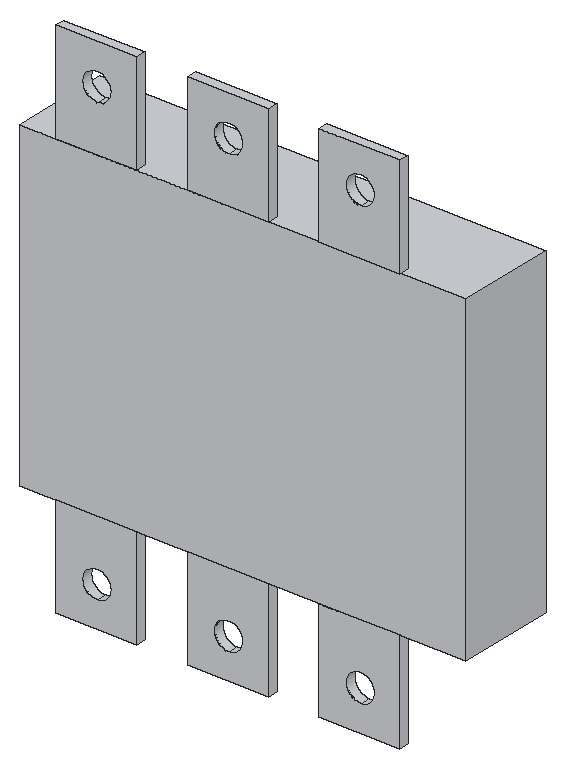
Revit family "Power-MouldedCaseDevices-GEWISS-97MSS-SWITCH_DISCONNECTOR_630_3P", category Apparecchi elettrici, host Muro, Revit 2016
Family settings
  Host = Muro
  Mantenere orientamento annotazione = Sì
  Tipo di parte = Normale
  Quota connettore circolare = Usa diametro
  Numero OmniClass = 23.80.50.00
  Titolo OmniClass = Terminals for Power Supply
  Sempre verticale = Sì
  Taglio con vuoti quando caricato = No
  Condiviso = No
  Punto di calcolo locali = Sì
Parameters (values of type "GW97732 - SWITCH DISCONNECTOR MSS 630 3P 630A")
  Version file RFA = "18.0"
  URL = "https://www.gewiss.com/ww/en"
  Technical sheet = "https://www.gewiss.com/ww/en/search?q=GW97732"
  SEO = "Disconnector"
  Realized by GEWISS S.p.A. = ""
  Rated voltage = "400V"
  Rated current: = "630A"
  Rated current (In) = "630A"
  Produttore = "GEWISS S.p.A."
  Number of poles = "3P"
  No. of poles = "3P"
  Modello = "GW97732"
  Label = "MSS 630"
  Immagine tipo = GW97732.jpg
  IFC.TypeObject = ""
  IFC.ExportType = ""
  IFC.ExportAs = ""
  IDT = "818504ab-dddf-41f6-9b1f-b1da7f3704c5"
  IDF = "f050b1da-643a-4487-a331-ba6306f31390"
  GW - Codice Electrocod = "150"
  EAN code = "8011564211520"
  Descrizione = "SWITCH DISCONNECTOR MSS 630 3P 630A"
  Catalogue Range = "97 MSS"
  Catalogue = "POWER"
  COBie.Tagnumber = ""
  COBie.CreatedOn = ""
  COBie.CreatebBy = ""
  COBie.ComponentRegisterItemID = ""
  COBie.Component.TagNumber = ""
  COBie.Component.Space = ""
  COBie.Component.SerialNumber = ""
  COBie.Component.InstallationDate = ""
  COBie.Component.Description = ""
  COBie.Component.BarCode = ""
Types (2, lengths in mm): name | Technical sheet | Rated current: | Rated current (In) | Modello | Immagine tipo | IDT | EAN code | Descrizione
  GW97732 - SWITCH DISCONNECTOR MSS 630 3P 630A | "https://www.gewiss.com/ww/en/search?q=GW97732" | "630A" | "630A" | "GW97732" | GW97732.jpg | "818504ab-dddf-41f6-9b1f-b1da7f3704c5" | "8011564211520" | "SWITCH DISCONNECTOR MSS 630 3P 630A"
  GW97731 - SWITCH DISCONNECTOR MSS 630 3P 400A | "https://www.gewiss.com/ww/en/search?q=GW97731" | "400A" | "400A" | "GW97731" | GW97731.jpg | "ad9322b5-43c1-4059-80a3-a01727e8a99f" | "8011564211513" | "SWITCH DISCONNECTOR MSS 630 3P 400A"
Reference planes
  plane 1 "Muro": y = 0
  plane 2 "Centro (Sinistra/Destra)": x = 125
  plane 3 "Indietro": y = 75
Text (mm)
  text "Lato posizionamento" at (-1848.837, 1116.779, 0), in view "Livello rif."
  text "Lato posizionamento" at (0, 1409.804, 2854.306), in view "Sinistra"
  text "Lato posizionamento" at (0, 499.811, 2980.732), in view "Destra"
Dimensions and locks
  locked: plane 3 "Indietro" to host wall
  aligned and locked: plane 1 "Muro" to host wall
  aligned and locked: nested 1 to plane 2 "Centro (Sinistra/Destra)"
Nested families
  nested 1: "GENERICO - MSS630 SEZIONATORI ROTATIVI 630A 3P" at (125, 75, 580.847) x (-1, 0, 0) z (0, 0, 1), type "GENERICO - MSS630 SEZIONATORI ROTATIVI 630A 3P"
Definition of nested family "GENERICO - MSS630 SEZIONATORI ROTATIVI 630A 3P"
  Parameters (values of type "GENERICO - MSS630 SEZIONATORI ROTATIVI 630A 3P")
    h_barra din = if(Altezza barre = 1 mm, 69.9 mm, if(Altezza barre = 2 mm, 115.8 mm, 0 mm))  # 0 mm
    TIPO = 15
    Default Elevation = 1219.2 mm
    Type Image = element 27434
    IFC.TypeObject = ""
    IFC.ExportType = ""
    IFC.ExportAs = ""
    H = if(AB_O = 1, AB_V, if(AB_O = 2, AB_H, 50.8 mm))  # 50.8 mm
    GW96815 = TIPO = 15  # yes
    GW96814 = TIPO = 0  # no
    GW96813 = TIPO = 13  # no
    GW96810 = TIPO = 10  # no
    GW - Tipo = "Forma \"L\" 4P"
    GW - Installazione = "Piastra/guida DIN"
    GW - Descrizione = "BDR 160 FORMA \"L\" (MTX/E 160) 4P"
    GW - Costruttore = "GEWISS"
    GW - Codice Electrocod = "1511"
    GW - Codice = "GWD8245"
    GW - Catalogo = "POWER"
    GW - Caratteristiche = "Regolabile"
    GW - Adatto per = "MTX/E 160"
    GEWISS URL = "http://www.gewiss.com/prv/it_IT/index.html"
    GEWISS SCHEDA TECNICA = "http://pro.gewiss.com/irj/portal/?NavigationTarget=pcd:portal_content/com.gewiss.ZPPFDMain/com.gewiss.ZPPFDITMain/com.gewiss.ZPPFDITMainDefault/com.gewiss.ZPPFDITPages/com.gewiss.ZPPFDITPagesAP/com.gewiss.ZPPFDITPagesAPCatalogo/com.gewiss.ZPPPDITAPProductDetail&codProd=GWD8245"
    Dist barra din = 0 mm  # constant formula
    COBie.CreatedOn = ""
    COBie.CreatebBy = ""
    COBie.ComponentRegisterItemID = ""
    COBie.Component.TagNumber = ""
    COBie.Component.Space = ""
    COBie.Component.SerialNumber = ""
    COBie.Component.InstallationDate = ""
    COBie.Component.Description = ""
    COBie.Component.BarCode = ""
    C1 = 49 mm  # constant formula
    C = 50 mm  # constant formula
    B1 = 187 mm
    B = 160 mm
    Altezza barre = 5 mm  # constant formula
    AB_V = 3 mm  # constant formula
    AB_H = 5 mm  # constant formula
    AB_O = 0  # constant formula
    A = 220 mm  # constant formula
  Reference planes
    plane 1 "Centro (Fronte/Retro)": y = 0
    plane 2: z = 0
    plane 3 "Centro (Sinistra/Destra)": x = 0
    plane 4: x = -110
    plane 5: x = 110
    plane 6: z = 210
    plane 7: z = 130
    plane 8: z = 179
    plane 9: x = -50
    plane 10: x = -1
    plane 11 "C1": y = -49
    plane 12: y = -44
    plane 13: z = 50
    plane 14: y = -5
  Forms (mm)
    Extrusion 1, solid
      sketch origin (0, -25, 0) x (0, 0, 1) y (1, 0, 0)
        loop
          line (210, 110) -> (50, 110) -> (50, -110) -> (210, -110) -> (210, 110)
      from -24 to 25
    Extrusion 2, void
      sketch origin (0, -49, 0) x (0, 0, 1) y (1, 0, 0)
        loop
          line (179, -50) -> (179, -1) -> (130, -1) -> (130, -50) -> (179, -50)
      from 0 to 5
    Extrusion 3, solid
      sketch origin (0, -49, 0) x (0, 0, 1) y (1, 0, 0)
        loop
          circle (155.454, -24.784) r 19.986
      from -3.053 to 5
    Extrusion 4, solid
      sketch origin (0, -49, 0) x (0, 0, 1) y (1, 0, 0)
        loop
          line (146.5, -30) -> (139.577, -36.923)
          arc (139.577, -36.923) -> (155.131, -44.767) -> (170.93, -37.43) r 19.986
          line (170.93, -37.43) -> (163.5, -30) -> (163.5, 106.305) -> (146.5, 106.305) -> (146.5, -30)
      from -6.808 to -3.053
    Extrusion 5, solid
      sketch origin (0, -49, 0) x (0, 0, 1) y (1, 0, 0)
        loop
          line (210, 92.5) -> (210, 52.5) -> (260, 52.5) -> (260, 92.5) -> (210, 92.5)
        loop
          line (210, -12.5) -> (260, -12.5) -> (260, 27.5) -> (210, 27.5) -> (210, -12.5)
        loop
          line (210, -77.5) -> (260, -77.5) -> (260, -37.5) -> (210, -37.5) -> (210, -77.5)
        loop
          line (50, -37.5) -> (0, -37.5) -> (0, -77.5) -> (50, -77.5) -> (50, -37.5)
        loop
          line (50, -12.5) -> (50, 27.5) -> (0, 27.5) -> (0, -12.5) -> (50, -12.5)
        loop
          line (50, 92.5) -> (0, 92.5) -> (0, 52.5) -> (50, 52.5) -> (50, 92.5)
        loop
          circle (240.063, -58.011) r 6.98
        loop
          circle (240.063, 6.989) r 6.98
        loop
          circle (240.063, 71.989) r 6.98
        loop
          circle (19.937, -58.011) r 6.98
        loop
          circle (19.937, 6.989) r 6.98
        loop
          circle (19.937, 71.989) r 6.98
      from 44 to 49
  Cuts and joins
    Extrusion 2 cuts Extrusion 1
  Lines and regions (mm)
    model lines, detail levels fine
      curve 1: line (-90.956, -49, 65.196) -> (-90.956, -49, 57.559)
      curve 2: line (-90.956, -49, 57.559) -> (-93.515, -49, 57.559)
      curve 3: line (-93.515, -49, 57.559) -> (-94.999, -49, 57.745)
      curve 4: line (-94.999, -49, 57.745) -> (-96.815, -49, 58.549)
      curve 5: line (-96.815, -49, 58.549) -> (-98.257, -49, 59.887)
      curve 6: line (-98.257, -49, 59.887) -> (-99.211, -49, 61.691)
      curve 7: line (-99.211, -49, 61.691) -> (-99.507, -49, 63.611)
      curve 8: line (-99.507, -49, 63.611) -> (-99.221, -49, 65.382)
      curve 9: line (-99.221, -49, 65.382) -> (-98.454, -49, 66.944)
      curve 10: line (-98.454, -49, 66.944) -> (-97.078, -49, 68.37)
      curve 11: line (-97.078, -49, 68.37) -> (-95.413, -49, 69.235)
      curve 12: line (-95.413, -49, 69.235) -> (-93.54, -49, 69.544)
      curve 13: line (-93.54, -49, 69.544) -> (-90.956, -49, 69.544)
      curve 14: line (-90.956, -49, 69.544) -> (-90.956, -49, 66.251)
      curve 15: line (-90.956, -49, 66.251) -> (-95.303, -49, 66.251)
      curve 16: line (-95.303, -49, 66.251) -> (-95.303, -49, 60.851)
      curve 17: line (-95.303, -49, 60.851) -> (-94.244, -49, 60.851)
      curve 18: line (-94.244, -49, 60.851) -> (-94.244, -49, 65.196)
      curve 19: line (-94.244, -49, 65.196) -> (-90.956, -49, 65.196)
      curve 20: line (-80.617, -49, 57.559) -> (-89.902, -49, 57.559)
      curve 21: line (-89.902, -49, 57.559) -> (-89.902, -49, 69.544)
      curve 22: line (-89.902, -49, 69.544) -> (-84.963, -49, 69.544)
      curve 23: line (-84.963, -49, 69.544) -> (-84.963, -49, 66.251)
      curve 24: line (-84.963, -49, 66.251) -> (-86.612, -49, 66.251)
      curve 25: line (-86.612, -49, 66.251) -> (-86.612, -49, 65.198)
      curve 26: line (-86.612, -49, 65.198) -> (-80.618, -49, 65.198)
      curve 27: line (-80.618, -49, 65.198) -> (-80.618, -49, 61.904)
      curve 28: line (-80.618, -49, 61.904) -> (-86.609, -49, 61.904)
      curve 29: line (-86.609, -49, 61.904) -> (-86.609, -49, 60.851)
      curve 30: line (-86.609, -49, 60.851) -> (-80.617, -49, 60.851)
      curve 31: line (-80.617, -49, 60.851) -> (-80.617, -49, 57.559)
      curve 32: line (-63.825, -49, 57.559) -> (-63.825, -49, 65.197)
      curve 33: line (-63.825, -49, 65.197) -> (-67.118, -49, 65.197)
      curve 34: line (-67.118, -49, 65.197) -> (-67.118, -49, 57.559)
      curve 35: line (-67.118, -49, 57.559) -> (-63.825, -49, 57.559)
      curve 36: line (-74.855, -49, 57.559) -> (-73.868, -49, 62.498)
      curve 37: line (-73.868, -49, 62.498) -> (-72.88, -49, 57.559)
      curve 38: line (-72.88, -49, 57.559) -> (-69.587, -49, 57.559)
      curve 39: line (-69.587, -49, 57.559) -> (-67.546, -49, 66.251)
      curve 40: line (-67.546, -49, 66.251) -> (-63.825, -49, 66.251)
      curve 41: line (-63.825, -49, 66.251) -> (-63.825, -49, 69.544)
      curve 42: line (-63.825, -49, 69.544) -> (-70.147, -49, 69.544)
      curve 43: line (-70.147, -49, 69.544) -> (-71.332, -49, 64.473)
      curve 44: line (-71.332, -49, 64.473) -> (-72.155, -49, 69.544)
      curve 45: line (-72.155, -49, 69.544) -> (-75.58, -49, 69.544)
      curve 46: line (-75.58, -49, 69.544) -> (-76.403, -49, 64.473)
      curve 47: line (-76.403, -49, 64.473) -> (-77.588, -49, 69.544)
      curve 48: line (-77.588, -49, 69.544) -> (-83.91, -49, 69.544)
      curve 49: line (-83.91, -49, 69.544) -> (-83.91, -49, 66.251)
      curve 50: line (-83.91, -49, 66.251) -> (-80.189, -49, 66.251)
      curve 51: line (-80.189, -49, 66.251) -> (-78.152, -49, 57.559)
      curve 52: line (-78.152, -49, 57.559) -> (-74.855, -49, 57.559)
      curve 53: line (-53.486, -49, 69.544) -> (-62.771, -49, 69.544)
      curve 54: line (-62.771, -49, 69.544) -> (-62.771, -49, 61.905)
      curve 55: line (-62.771, -49, 61.905) -> (-56.779, -49, 61.905)
      curve 56: line (-56.779, -49, 61.905) -> (-56.779, -49, 60.851)
      curve 57: line (-56.779, -49, 60.851) -> (-62.771, -49, 60.851)
      curve 58: line (-62.771, -49, 60.851) -> (-62.771, -49, 57.559)
      curve 59: line (-62.771, -49, 57.559) -> (-53.486, -49, 57.559)
      curve 60: line (-53.486, -49, 57.559) -> (-53.486, -49, 65.197)
      curve 61: line (-53.486, -49, 65.197) -> (-59.479, -49, 65.197)
      curve 62: line (-59.479, -49, 65.197) -> (-59.479, -49, 66.251)
      curve 63: line (-59.479, -49, 66.251) -> (-53.486, -49, 66.251)
      curve 64: line (-53.486, -49, 66.251) -> (-53.486, -49, 69.544)
      curve 65: line (-52.433, -49, 69.544) -> (-52.433, -49, 61.905)
      curve 66: line (-52.433, -49, 61.905) -> (-46.845, -49, 61.905)
      curve 67: line (-46.845, -49, 61.905) -> (-46.845, -49, 60.851)
      curve 68: line (-46.845, -49, 60.851) -> (-52.433, -49, 60.851)
      curve 69: line (-52.433, -49, 60.851) -> (-52.433, -49, 57.559)
      curve 70: line (-52.433, -49, 57.559) -> (-49.14, -49, 57.559)
      curve 71: line (-49.14, -49, 57.559) -> (-47.238, -49, 58.169)
      curve 72: line (-47.238, -49, 58.169) -> (-46.011, -49, 58.97)
      curve 73: line (-46.011, -49, 58.97) -> (-44.606, -49, 60.694)
      curve 74: line (-44.606, -49, 60.694) -> (-43.953, -49, 62.628)
      curve 75: line (-43.953, -49, 62.628) -> (-43.934, -49, 64.344)
      curve 76: line (-43.934, -49, 64.344) -> (-44.112, -49, 65.197)
      curve 77: line (-44.112, -49, 65.197) -> (-49.14, -49, 65.197)
      curve 78: line (-49.14, -49, 65.197) -> (-49.14, -49, 66.251)
      curve 79: line (-49.14, -49, 66.251) -> (-44.561, -49, 66.251)
      curve 80: line (-44.561, -49, 66.251) -> (-45.156, -49, 67.246)
      curve 81: line (-45.156, -49, 67.246) -> (-46.012, -49, 68.133)
      curve 82: line (-46.012, -49, 68.133) -> (-47.204, -49, 68.916)
      curve 83: line (-47.204, -49, 68.916) -> (-48.449, -49, 69.372)
      curve 84: line (-48.449, -49, 69.372) -> (-49.849, -49, 69.544)
      curve 85: line (-49.849, -49, 69.544) -> (-52.433, -49, 69.544)
  Dimensions and locks
    equal spacing: plane 5, plane 3 "Centro (Sinistra/Destra)", plane 4
    "A": plane 5 to plane 4
    "C1": plane 11 "C1" to plane 1 "Centro (Fronte/Retro)"
    locked: plane 11 "C1" to plane 12 at 5
    plane 9 to plane 4 = 60 mm
    locked: plane 10 to plane 9 at 49
    locked: plane 8 to plane 7 at 49
    plane 13 to level = 50 mm
    "B": plane 6 to plane 13
    plane 7 to plane 13 = 80 mm
    locked: plane 14 to plane 1 "Centro (Fronte/Retro)" at 5
    locked: Extrusion 3 to plane 11 "C1" at 3.053
    aligned and locked: level to plane 2
    aligned and locked: Extrusion 1 sketch curve to plane 4
    aligned and locked: plane 5 to Extrusion 1 sketch curve
    aligned and locked: plane 6 to Extrusion 1 sketch curve
    aligned and locked: Extrusion 1 to plane 11 "C1"
    aligned and locked: Extrusion 1 to plane 1 "Centro (Fronte/Retro)"
    aligned and locked: Extrusion 2 sketch curve to plane 8
    aligned and locked: Extrusion 2 sketch curve to plane 9
    aligned and locked: plane 7 to Extrusion 2 sketch curve
    aligned and locked: plane 10 to Extrusion 2 sketch curve
    aligned and locked: plane 12 to cut or joined group of Extrusion 1, Extrusion 2
    aligned and locked: plane 13 to Extrusion 1 sketch curve
    aligned and locked: plane 12 to Extrusion 3
    aligned and locked: Extrusion 5 to plane 14
    aligned and locked: Extrusion 5 to plane 1 "Centro (Fronte/Retro)"
  Automatic sketch dimensions
    plane 8 to Extrusion 3 sketch curve = 23.546 mm
    Extrusion 3 sketch curve to plane 10 = 23.784 mm
    Extrusion 4 sketch curve to plane 5 = 3.695 mm
    Extrusion 4 sketch curve to plane 7 = 16.5 mm
    plane 9 to Extrusion 4 sketch curve = 20 mm
    Extrusion 4 sketch curve to Extrusion 4 sketch curve = 0 mm
    Extrusion 4 sketch curve to Extrusion 4 sketch curve = 8.046 mm
    Extrusion 4 sketch curve to Extrusion 4 sketch curve = 5.216 mm
    Extrusion 4 sketch curve to plane 7 = 9.577 mm
    plane 8 to Extrusion 4 sketch curve = 8.07 mm
    Extrusion 4 sketch curve to Extrusion 4 sketch curve = 6.923 mm
    Extrusion 4 sketch curve to Extrusion 4 sketch curve = 7.43 mm
    curve 21 to plane 13 = 7.559 mm
    curve 52 to curve 20 = 0 mm
    curve 39 to curve 36 = 0 mm
    curve 35 to curve 38 = 0 mm
    curve 58 to curve 32 = 0 mm
    curve 69 to curve 59 = 0 mm
    curve 20 to curve 1 = 0 mm
    curve 1 to curve 3 = 0 mm
    curve 2 to curve 3 = 0.187 mm
    plane 9 to curve 71 = 2.762 mm
    curve 70 to curve 71 = 0.611 mm
    curve 3 to curve 5 = 0.804 mm
    plane 9 to curve 72 = 3.989 mm
    curve 71 to curve 72 = 0.8 mm
    curve 5 to curve 5 = 1.338 mm
    curve 72 to curve 73 = 1.724 mm
    curve 4 to curve 16 = 2.302 mm
    curve 72 to curve 68 = 1.882 mm
    curve 56 to curve 68 = 0 mm
    curve 20 to curve 31 = 3.293 mm
    curve 5 to curve 7 = 1.804 mm
    curve 30 to curve 27 = 1.053 mm
    curve 57 to curve 54 = 1.053 mm
    curve 68 to curve 65 = 1.053 mm
    curve 37 to curve 37 = 4.939 mm
    plane 9 to curve 75 = 6.047 mm
    curve 73 to curve 75 = 1.934 mm
    curve 6 to curve 7 = 1.92 mm
    plane 9 to curve 76 = 6.066 mm
    curve 74 to curve 76 = 1.716 mm
    curve 36 to curve 47 = 1.976 mm
    curve 36 to curve 43 = 1.976 mm
    curve 17 to curve 18 = 4.346 mm
    plane 9 to curve 78 = 0.86 mm
    curve 66 to curve 78 = 3.293 mm
    curve 55 to curve 61 = 3.293 mm
    curve 54 to curve 32 = 3.293 mm
    curve 28 to curve 25 = 3.294 mm
    curve 7 to curve 9 = 1.772 mm
    curve 25 to curve 49 = 1.053 mm
    curve 77 to curve 79 = 1.053 mm
    curve 33 to curve 40 = 1.053 mm
    curve 18 to curve 16 = 1.054 mm
    curve 60 to curve 64 = 1.053 mm
    curve 25 to curve 25 = 1.053 mm
    curve 8 to curve 9 = 1.562 mm
    plane 9 to curve 80 = 4.844 mm
    curve 79 to curve 80 = 0.995 mm
    plane 9 to curve 82 = 3.988 mm
    curve 80 to curve 82 = 0.887 mm
    curve 9 to curve 10 = 1.425 mm
    plane 9 to curve 82 = 2.796 mm
    curve 81 to curve 82 = 0.783 mm
    curve 10 to curve 11 = 0.866 mm
    plane 9 to curve 84 = 1.551 mm
    curve 82 to curve 84 = 0.456 mm
    curve 11 to curve 12 = 0.308 mm
    curve 21 to curve 13 = 0 mm
    curve 63 to curve 65 = 3.293 mm
    curve 64 to curve 65 = 0 mm
    curve 41 to curve 53 = 0 mm
    curve 49 to curve 22 = 0 mm
    curve 46 to curve 47 = 0 mm
    plane 9 to curve 71 = 0.86 mm
    plane 9 to curve 85 = 0.151 mm
    curve 85 to plane 9 = 2.433 mm
    curve 68 to curve 65 = 0 mm
    curve 64 to curve 65 = 1.054 mm
    curve 61 to curve 63 = 0 mm
    curve 56 to curve 68 = 4.346 mm
    curve 63 to curve 55 = 2.7 mm
    curve 57 to curve 61 = 3.293 mm
    curve 57 to curve 55 = 0 mm
    curve 32 to curve 58 = 1.054 mm
    curve 42 to curve 53 = 1.054 mm
    curve 33 to curve 32 = 3.293 mm
    curve 39 to curve 33 = 0.428 mm
    curve 39 to curve 34 = 2.469 mm
    curve 43 to curve 39 = 2.601 mm
    curve 43 to curve 39 = 3.786 mm
    curve 45 to curve 42 = 2.008 mm
    curve 38 to curve 38 = 3.293 mm
    curve 36 to curve 43 = 2.535 mm
    curve 36 to curve 37 = 1.976 mm
    curve 45 to curve 44 = 3.424 mm
    curve 47 to curve 36 = 2.535 mm
    curve 47 to curve 45 = 2.009 mm
    curve 52 to curve 36 = 3.297 mm
    curve 50 to curve 46 = 3.786 mm
    curve 30 to curve 51 = 2.465 mm
    curve 28 to curve 30 = 0 mm
    curve 50 to curve 26 = 3.292 mm
    curve 24 to curve 49 = 1.053 mm
    curve 29 to curve 23 = 1.646 mm
    curve 26 to curve 23 = 1.649 mm
    curve 21 to curve 24 = 3.29 mm
    curve 19 to curve 25 = 4.344 mm
    curve 14 to curve 21 = 1.054 mm
    curve 2 to curve 1 = 2.559 mm
    curve 13 to curve 13 = 2.584 mm
    curve 17 to curve 2 = 0.729 mm
    curve 4 to curve 2 = 1.484 mm
    curve 15 to curve 18 = 1.058 mm
    curve 11 to curve 12 = 1.873 mm
    curve 5 to curve 3 = 1.816 mm
    curve 10 to curve 11 = 1.665 mm
    curve 6 to curve 5 = 1.442 mm
    curve 9 to curve 10 = 1.376 mm
    curve 7 to curve 5 = 0.955 mm
    curve 8 to curve 9 = 0.767 mm
    curve 8 to curve 8 = 0.286 mm
    curve 67 to curve 74 = 2.892 mm
    curve 74 to curve 74 = 0.654 mm
    curve 80 to curve 79 = 0.595 mm
    curve 76 to curve 75 = 0.178 mm
    Extrusion 5 sketch curve to level = 0 mm  (x3)
    Extrusion 5 sketch curve to plane 13 = 0 mm  (x3)
    Extrusion 5 sketch curve to plane 6 = 0 mm  (x3)
    plane 3 "Centro (Sinistra/Destra)" to Extrusion 5 sketch curve = 6.989 mm  (x2)
    level to Extrusion 5 sketch curve = 19.937 mm  (x3)
    Extrusion 5 sketch curve to plane 9 = 8.011 mm  (x2)
    plane 6 to Extrusion 5 sketch curve = 30.063 mm  (x3)
    Extrusion 5 sketch curve to Extrusion 5 sketch curve = 19.937 mm  (x3)
    Extrusion 5 sketch curve to plane 10 = 11.5 mm  (x2)
    Extrusion 5 sketch curve to plane 9 = 27.5 mm  (x2)
    plane 9 to Extrusion 5 sketch curve = 12.5 mm  (x2)
    plane 3 "Centro (Sinistra/Destra)" to Extrusion 5 sketch curve = 27.5 mm  (x2)
    Extrusion 5 sketch curve to Extrusion 5 sketch curve = 25 mm  (x2)
    Extrusion 5 sketch curve to Extrusion 5 sketch curve = 19.489 mm  (x2)
    Extrusion 5 sketch curve to plane 5 = 17.5 mm  (x2)
    radius of Extrusion 3 sketch curve = 19.986 mm
    radius of Extrusion 5 sketch curve = 6.98 mm  (x6)
